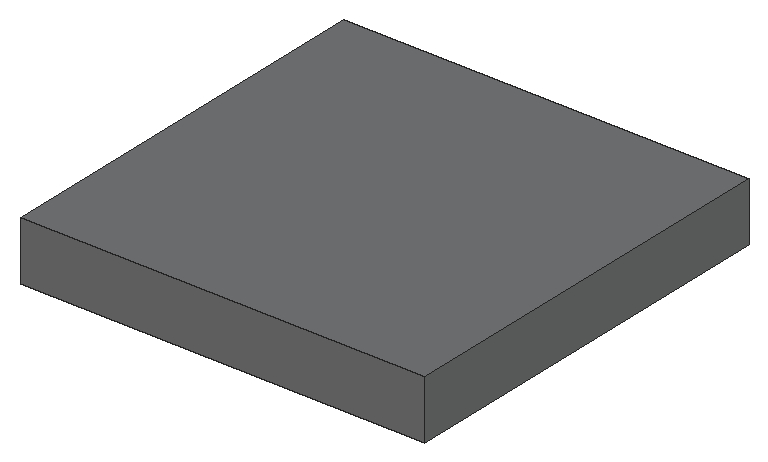
Revit family "Gira_028627", category Electrical Fixtures, host Face, Revit 2017
Family settings
  Host = Face
  Maintain Annotation Orientation = No
  Round Connector Dimension = Use Diameter
  Part Type = Normal
  Cut with Voids When Loaded = No
  Shared = No
  Room Calculation Point = No
Parameters (values of type "Wippe Symb. Klingel System 55 Reinweiß m")
  Werkstoffgüte = "Thermoplast"
  Werkstoff = "Kunststoff"
  Verwendung = "Schalter/Taster"
  URL = "http://katalog.gira.de/de_DE/datenblatt.html?artikelnr=028627"
  Region = "DE"
  RAL-Nummer (ähnlich) = "9010 "
  Oberfläche = "sonstige"
  Name = "Wippe Symb. Klingel System 55 Reinweiß m"
  Mit austauschbarer Linse/Symbol = "No"
  Mit Beschriftungsfeld = "No"
  Manufacturer URL = "https://www.gira.de/"
  Kontrollfenster/Lichtauslass = "No"
  Keynote = "Sys55_Abdeckung_Schalten und Tasten"
  HeinzeBIM = "https://bimportal.heinze.de/bim/wippe-symb-klingel-system-55-reinweiss-m/fbc702791ab62a062be7ceec10df6383efaf81c3"
  Halogenfrei = "Yes"
  HAN = "028627"
  Geeignet für Schutzart (IP) = "IP20"
  Geeignet für Bussystem-Tasterankopplung = "No"
  GTIN = "4010337286271"
  Farbe = "weiß"
  Default Elevation = 1219.2 mm
  Data sheet (1) = "https://katalog.gira.de/de_DE/download.html?artikelnr=028627"
  Category = "Abdeckung/Bedienelement für Installationsschalterprogramme"
  Befestigungsart = "Klemmbefestigung"
  Available = "Yes"
  Ausführung der Oberfläche = "matt"
  Ausführung = "einteilige Wippe"
  Aufdruck/Kennzeichnung = "Symbol \"Klingel\""
  Anthrazit [instance] = Anthrazit
  Abtastbares Symbol/barrierefrei = "No"
Reference planes
  plane 1 "Center (Front/Back)": y = 0
  plane 2: z = 0
  plane 3 "Center (Left/Right)": x = 0
Forms (mm)
  Extrusion 1, solid, material "Anthrazit" <- "Anthrazit", detail levels fine
    sketch origin (0, 0, 0) x (1, 0, 0) y (0, 1, 0)
      loop
        line (-27.5, 27.5) -> (-27.5, -27.5) -> (27.5, -27.5) -> (27.5, 27.5) -> (-27.5, 27.5)
    from 0 to 8
  Extrusion 2, void
    sketch origin (0, 0, 0) x (1, 0, 0) y (0, 1, 0)
      loop
        line (26, 26) -> (-26, 26) -> (-26, -26) -> (26, -26) -> (26, 26)
    from 0 to 6
  Extrusion 3, solid, material "Anthrazit" <- "Anthrazit", detail levels medium
    sketch origin (0, 0, 0) x (1, 0, 0) y (0, 1, 0)
      loop
        line (-27.5, 27.5) -> (-27.5, -27.5) -> (27.5, -27.5) -> (27.5, 27.5) -> (-27.5, 27.5)
    from 0 to 8
  Extrusion 4, solid, material "Anthrazit" <- "Anthrazit", detail levels medium
    sketch origin (0, 0, 0) x (1, 0, 0) y (0, 1, 0)
      loop
        line (11, -17.5) -> (11, 17.5) -> (-11, 17.5) -> (-11, -17.5) -> (11, -17.5)
    from -6 to 6
  Extrusion 5, solid, material "Anthrazit" <- "Anthrazit", detail levels fine
    sketch origin (0, 0, 0) x (1, 0, 0) y (0, 1, 0)
      loop
        line (11, 17.5) -> (-11, 17.5) -> (-11, 16.5) -> (11, 16.5) -> (11, 17.5)
      loop
        line (-11, -16.5) -> (-11, -17.5) -> (11, -17.5) -> (11, -16.5) -> (-11, -16.5)
    from -4 to 6
  Extrusion 6, solid, material "Anthrazit" <- "Anthrazit", detail levels fine
    sketch origin (0, 0, 0) x (1, 0, 0) y (0, 1, 0)
      loop
        arc (5, 9.347) -> (0, 10.6) -> (-5, 9.347) r 10.6
        line (-5, 9.347) -> (-5, -9.347)
        arc (-5, -9.347) -> (0, -10.6) -> (5, -9.347) r 10.6
        line (5, -9.347) -> (5, 9.347)
    from -6 to 6
  Extrusion 7, solid, material "Anthrazit" <- "Anthrazit", detail levels coarse
    sketch origin (0, 0, 0) x (1, 0, 0) y (0, 1, 0)
      loop
        line (-27.5, 27.5) -> (-27.5, -27.5) -> (27.5, -27.5) -> (27.5, 27.5) -> (-27.5, 27.5)
    from -6 to 8
Cuts and joins
  Extrusion 2 cuts Extrusion 1
Dimensions and locks
  aligned and locked: plane 2 to host face
  aligned and locked: level to host face
